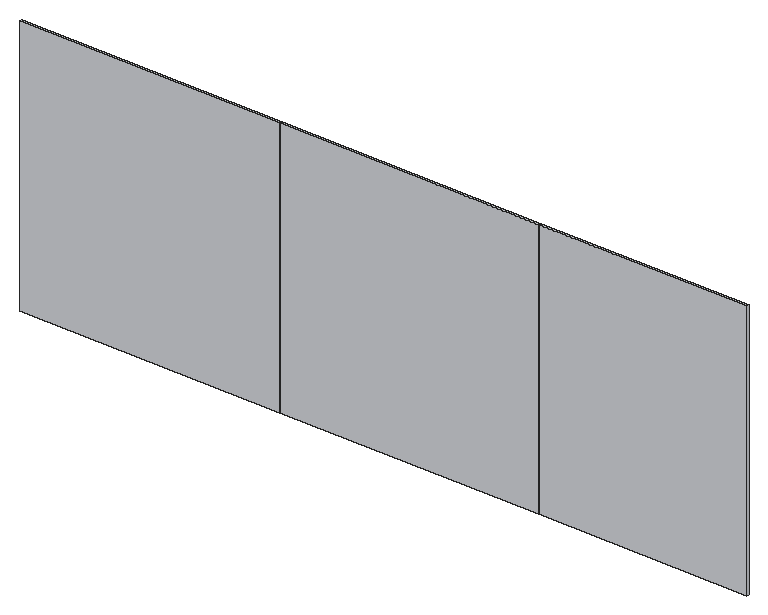
Revit family "ArrayToday72320", category Generic Models, Revit 2021
Family settings
  Can host rebar = No
  Round Connector Dimension = Use Diameter
  Part Type = Normal
  Work Plane-Based = No
  Always vertical = Yes
  Cut with Voids When Loaded = No
  Shared = No
  Room Calculation Point = No
Parameters
  z [instance] = 0' - 0"
  Array Number [instance] = Overall Length / Panel Width  # 2.8
  Single Panel Width [instance] = if(Overall Length < Panel Width, Overall Length, Panel Width)  # 10' - 0"
  Single Panel Visibility [instance] = not(Array Panel Visibility)  # no
  End Panel Visibility [instance] = not(End Panel Ctrl = 0' 0")  # yes
  End Panel Ctrl [instance] = if(End Panel > 0' 0", End Panel, 0' 0")  # 8' - 0"
  End Panel [instance] = if(Overall Length < (2 * Panel Width), Overall Length - Panel Width, ((Overall Length / Array Integer) - Panel Width) * Array Integer)  # 8' - 0"
  Array Panel Visibility [instance] = not(Array Number < 2)  # yes
  Array Integer [instance] = if((Overall Length / Panel Width) < 2, 2, (rounddown(Overall Length / Panel Width)))  # 2
  Panel Width [instance] = 10' - 0"
  Overall Length [instance] = 28' - 0"
  Default Elevation = 0' - 0"
Reference planes (in)
  plane 1 "Center (Front/Back)": y = 0
  plane 2: z = 0
  plane 3 "Center (Left/Right)": x = 0
  plane 4: x = 336
  plane 5: x = 120
  plane 6: x = 240
  plane 7: x = 336.03125
  plane 8: x = 120
  plane 9: z = 120
Forms (in)
  Extrusion 1, solid, visible <- "Array Panel Visibility"
    sketch origin (0, 0, 0) x (1, 0, 0) y (0, 1, 0)
      loop
        line (0, 0) -> (120, 0) -> (120, 1) -> (0, 1) -> (0, 0)
    from 0 to 120
  Extrusion 2, solid, visible <- "End Panel Visibility"
    sketch origin (0, 0, 0) x (1, 0, 0) y (0, 1, 0)
      loop
        line (240, 0) -> (336.03125, 0) -> (336.03125, 1) -> (240, 1) -> (240, 0)
    from 0 to 120
  Extrusion 3, solid, visible <- "Array Panel Visibility"
    sketch origin (120, 0, 0) x (1, 0, 0) y (0, 1, 0)
      loop
        line (0, 0) -> (120, 0) -> (120, 1) -> (0, 1) -> (0, 0)
    from 0 to 120
  Extrusion 4, solid, visible <- "Single Panel Visibility"
    sketch origin (0, 0, 0) x (1, 0, 0) y (0, 1, 0)
      loop
        line (0, 0) -> (120, 0) -> (120, 1) -> (0, 1) -> (0, 0)
    from 0 to 120
Dimensions and locks (in)
  "Overall Length": plane 3 "Center (Left/Right)" to plane 4
  "Panel Width": Extrusion 1 sketch curve to Extrusion 1 sketch curve
  "Panel Width": plane 3 "Center (Left/Right)" to plane 5
  locked: Extrusion 1 sketch curve to Extrusion 1 sketch curve at 1
  "End Panel Ctrl": plane 6 to plane 4
  locked: plane 4 to plane 7 at 0.03125
  locked: Extrusion 2 sketch curve to Extrusion 2 sketch curve at 1
  "Panel Width": Extrusion 3 sketch curve to Extrusion 3 sketch curve
  locked: Extrusion 3 sketch curve to Extrusion 3 sketch curve at 1
  group 1 to group 2 = 10' - 0"
  group 1 to group 2 = 0' - 0"  (x2)
  Extrusion 4 sketch curve to Extrusion 4 sketch curve = 0' - 1"
  "Single Panel Width": plane 3 "Center (Left/Right)" to plane 8
  plane 9 to level = 10' - 0"
  aligned and locked: plane 2 to level
  aligned and locked: plane 1 "Center (Front/Back)" to Extrusion 2 sketch curve
  aligned and locked: Extrusion 2 sketch curve to plane 6
  aligned and locked: plane 7 to Extrusion 2 sketch curve
  aligned and locked: Extrusion 3 to plane 5
  aligned and locked: Extrusion 4 sketch curve to Extrusion 1  (x2)
  aligned and locked: plane 8 to Extrusion 4 sketch curve
  aligned and locked: plane 9 to Extrusion 1
  aligned and locked: Extrusion 1 to level
  aligned and locked: plane 9 to Extrusion 4
  aligned and locked: Extrusion 4 to level
  aligned and locked: Extrusion 2 to plane 9
  aligned and locked: level to Extrusion 3
